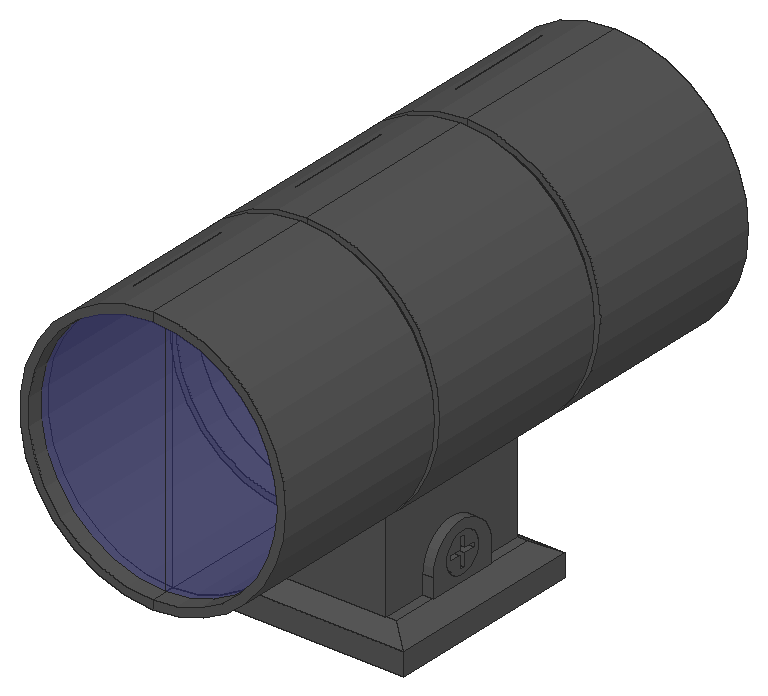
Revit family "CARLO CYLINDER LIGHT WALL MOUNT", category Lighting Fixtures, host Face, Revit 2020 (continued)
Types (10): name | Wattage_Input | Wattage Comments | Wattage | Photometric Web File | built-in parameter 1150142 | Model | built-in parameter 1150105 | Lumens | Light Length 1 | LIGHT RADIUS | LIGHT PLACEMENT | LIGHT LENGTH | LIGHT DIA | built-in parameter 1150106 | FIXED END HEIGHT | Curve base Height | Base Curve | BEAMING ANGLE | Apparent Load
    .4728 7.7393 8.0048 8.2706 8.5326 8.7843 9.0331 9.2947 \r\n 9.5372 9.7158 9.8848 10.1 10.313 10.483 10.651 10.852 11.07 11.304 \r\n 11.553 11.812 12.095 12.416 12.769 13.149 13.572 14.064 14.6 15.155 \r\n 15.752 16.405 17.121 17.881 18.769 19.771 21.156 23.398 25.874 27.912 \r\n 30.129 32.961 36.286 39.301 44.488 53.943 68.022 88.462 113.22 140.98 \r\n 171.31 203.77 237.15 269.92 302.61 335.41 367.84 399.91 430.4 458.56 \r\n 482.96 501.09 515.42 527.05 537.57 549.31 561.22 572.96 584.71 596.4 \r\n 608.45 621.35 634.74 648.4 662.31 676.24 690.53 705.23 720.97 738.44 \r\n 757.61 778.44 801.61 828.76 857.06 884.26 910.35 934.39 956.98 978.45 \r\n 998.72 1017.9 1035.8 1052.2 1067.9 1083.4 1098.4 1112.5 1126.2 1140.1 \r\n 1153.9 1167.5 1180.6 1192.7 1204.1 1215.2 1225.9 1235.9 1245.8 1255.8 \r\n 1266.2 1277.1 1288.3 1299.9 1311 1320.7 1329.5 1337.8 1345.6 1353.2 \r\n 1360 1365.6 1370.2 1374.1 1377.1 1379.1 1380.6 1382.1 1383.9 1386.5 \r\n 1389.7 1393.4 1396.9 1399.3 1401.1 1402.4 1403.2 1403.2 1402.8 1402 \r\n 1412.7 \r\n1391.1 1391.2 1390.7 1389.9 1388.4 1386 1383.2 1380.1 1377 1374.3 \r\n 1371.8 1369.8 1368.1 1366.7 1364.9 1362.3 1359 1355.4 1351 1345.2 \r\n 1338.6 1331.8 1324.3 1315.7 1306.5 1296.5 1286.1 1275.2 1264.6 1255.1 \r\n 1245.7 1235.7 1225.4 1215.2 1204.7 1193.6 1182.1 1170.2 1157.9 1145.3 \r\n 1132.1 1118.1 1103.5 1088.5 1072.9 1056.5 1039.2 1021 1001.8 981.67 \r\n 960.49 938.18 914.88 890.65 865.67 839.58 813.99 790.45 768.7 749.21 \r\n 731.39 714.93 699.41 684.18 669.63 656.19 643.1 629.49 616.13 603.72 \r\n 591.59 579.3 566.96 554.61 542.06 529.43 515.82 501.02 483.1 459.38 \r\n 431.95 401.79 369.59 336.29 302.19 267.57 233.41 200.46 169.64 142.75 \r\n 117.81 92.059 69.59 54.38 44.01 38.066 34.518 30.967 28.101 25.878 \r\n 24.082 22.483 21.086 19.809 18.691 17.768 16.979 16.287 15.661 15.045 \r\n 14.473 13.962 13.496 13.067 12.663 12.268 11.895 11.549 11.236 10.969 \r\n 10.732 10.517 10.324 10.156 9.9968 9.8284 9.6604 9.4996 9.3364 9.164 \r\n 8.9808 8.7816 8.5708 8.3534 8.1229 7.8687 7.6085 7.3615 7.1121 6.8472 \r\n 6.5782 6.3124 6.0497 5.793 5.5407 5.2911 5.0482 4.8225 4.5931 4.3302 \r\n 4.0709 3.8518 3.645 3.4299 3.2211 3.0319 2.845 2.6402 2.4391 2.2617 \r\n 2.0932 1.928 1.7666 1.606 1.4521 1.312 1.1785 1.0454 0.91637 0.79214 \r\n 0.67612 0.57253 0.47965 0.39842 0.32515 0.25521 0.19235 0.14039 0.096887 0.080588 \r\n 0.084432 0.10954 0.15012 0.21101 0.28096 0.34976 0.42755 0.52473 0.6303 0.73185 \r\n 0.84396 0.9844 1.1313 1.261 1.3963 1.5594 1.7292 1.8881 2.0471 2.2075 \r\n 2.3804 2.5874 2.7989 2.9821 3.1689 3.392 3.6164 3.8047 3.9971 4.229 \r\n 4.4769 4.732 4.9848 5.2168 5.4468 5.69 5.9391 6.1913 6.4478 6.7094 \r\n 6.974 7.24 7.5065 7.7725 8.0367 8.2977 8.5538 8.8011 9.0445 9.2966 \r\n 9.5299 9.7034 9.8698 10.084 10.297 10.462 10.625 10.823 11.04 11.27 \r\n 11.517 11.783 12.073 12.397 12.751 13.128 13.551 14.048 14.591 15.149 \r\n 15.75 16.407 17.126 17.891 18.787 19.8 21.213 23.529 26.078 28.132 \r\n 30.369 33.275 36.7 39.571 45.145 56.932 73.095 92.891 116.55 144.54 \r\n 175.42 208.3 242.08 275.25 308.26 341.25 373.71 405.49 435.56 463.39 \r\n 487.41 504.93 518.78 530.48 541.25 553.11 565.12 576.9 588.72 600.67 \r\n 612.93 625.79 639.08 652.75 666.7 680.7 695.07 709.8 725.58 743.1 \r\n 762.43 783.78 807.45 834.71 862.93 889.91 915.67 939.26 961.41 982.54 \r\n 1002.6 1021.6 1039.4 1055.6 1071 1086.5 1101.5 1115.7 1129.5 1143.2 \r\n 1156.8 1170.3 1183.3 1195.4 1206.9 1217.9 1228.5 1238.4 1248.1 1258.2 \r\n 1268.6 1279.7 1291 1302.4 1313.3 1322.8 1331.6 1339.8 1347.5 1354.9 \r\n 1361.5 1366.9 1371.3 1375.1 1378 1380 1381.6 1383.1 1384.9 1387.8 \r\n 1391.3 1395 1398.4 1400.6 1402.1 1403.3 1404 1404 1403.6 1402.7 \r\n 1412.7 \r\n1391.1 1390.7 1390.4 1389.8 1388.7 1386.7 1384.1 1381 1377.7 1374.8 \r\n 1372.1 1369.8 1367.9 1366.3 1364.7 1362.6 1360 1356.9 1352.9 1347.6 \r\n 1341.4 1334.8 1327.6 1319.5 1310.7 1301.3 1291.4 1280.8 1270.2 1260.3 \r\n 1250.5 1240.3 1230 1219.9 1209.6 1198.9 1187.7 1175.9 1163.6 1150.7 \r\n 1137.4 1123.5 1109 1094.2 1078.8 1062.4 1045.2 1027.3 1008.4 988.61 \r\n 967.88 946.14 923.42 899.63 875.02 849.44 824.07 799.88 777.26 757.18 \r\n 738.91 722.19 706.52 691.21 676.53 662.66 649.15 635.44 621.99 609.18 \r\n 596.68 584.3 571.96 559.53 546.97 534.37 521.13 507.33 490.87 469.15 \r\n 443.66 414.65 383.14 350.02 316 281.95 248.23 215.26 183.66 154.32 \r\n 126.8 100.13 76.799 59.25 46.616 39.812 35.934 32.157 29.16 26.705 \r\n 24.716 23.073 21.665 20.307 19.103 18.124 17.29 16.556 15.897 15.261 \r\n 14.674 14.15 13.668 13.212 12.784 12.384 12.007 11.644 11.312 11.03 \r\n 10.779 10.547 10.339 10.157 9.9895 9.8272 9.6673 9.5023 9.3365 9.1765 \r\n 9.0076 8.8127 8.6059 8.3995 8.1817 7.9406 7.6886 7.4352 7.1773 6.914 \r\n 6.6491 6.3853 6.1245 5.871 5.6196 5.3618 5.1117 4.8908 4.6686 4.4093 \r\n 4.1508 3.9255 3.7141 3.508 3.3069 3.1081 2.9109 2.7113 2.5166 2.3344 \r\n 2.1596 1.9922 1.8295 1.6669 1.5102 1.3647 1.2266 1.0946 0.96622 0.83521 \r\n 0.71204 0.60787 0.51439 0.42618 0.34576 0.27434 0.21051 0.15327 0.10683 0.095505 \r\n 0.10454 0.12562 0.1637 0.22608 0.29736 0.36603 0.4433 0.54039 0.64582 0.74642 \r\n 0.85859 1.0031 1.1537 1.2822 1.4147 1.5747 1.742 1.9007 2.0612 2.2257 \r\n 2.4026 2.6098 2.8207 3.0064 3.1954 3.4177 3.6402 3.8256 4.0164 4.2524 \r\n 4.504 4.7549 5.0052 5.2471 5.487 5.7282 5.9723 6.2221 6.4777 6.7416 \r\n 7.0087 7.2741 7.5392 7.8052 8.0681 8.3241 8.574 8.8167 9.0544 9.2961 \r\n 9.5198 9.6912 9.8572 10.07 10.28 10.442 10.602 10.797 11.012 11.238 \r\n 11.484 11.756 12.055 12.381 12.736 13.112 13.534 14.036 14.583 15.147 \r\n 15.752 16.412 17.135 17.905 18.811 19.841 21.278 23.629 26.214 28.291 \r\n 30.559 33.518 37.026 39.786 45.768 59.826 78.004 97.167 119.71 147.77 \r\n 178.97 211.87 245.72 279.22 312.59 345.8 378.3 409.79 439.48 467.01 \r\n 490.74 507.87 521.49 533.5 544.68 556.73 568.86 580.73 592.68 604.94 \r\n 617.46 630.28 643.44 657.09 671.05 685.11 699.54 714.29 730.09 747.58 \r\n 767 788.85 812.98 840.18 868.14 894.85 920.28 943.45 965.18 985.99 \r\n 1005.8 1024.7 1042.5 1058.5 1073.8 1089.2 1104.2 1118.6 1132.6 1146.2 \r\n 1159.5 1172.9 1185.9 1198 1209.5 1220.5 1231 1240.8 1250.5 1260.5 \r\n 1270.9 1282.2 1293.6 1304.7 1315.3 1324.7 1333.4 1341.5 1349.1 1356.4 \r\n 1362.9 1368 1372.2 1375.9 1378.8 1380.9 1382.5 1384 1385.9 1389.1 \r\n 1392.8 1396.6 1399.9 1401.7 1402.9 1404 1404.6 1404.7 1404.4 1403.5 \r\n 1412.7 \r\n1391.1 1390.4 1390.2 1389.9 1389 1387.4 1385.2 1382 1378.6 1375.5 \r\n 1372.6 1370 1367.7 1366 1364.5 1362.9 1360.9 1358.2 1354.7 1350 \r\n 1344.3 1338 1331.1 1323.5 1315.3 1306.5 1297 1286.8 1276.3 1266 \r\n 1255.7 1245.4 1235.1 1225.1 1215 1204.5 1193.5 1181.8 1169.5 1156.5 \r\n 1143 1129 1114.7 1100.1 1084.9 1068.5 1051.3 1033.6 1015 995.57 \r\n 975.27 954.11 931.96 908.58 884.35 859.33 834.23 809.45 786 765.33 \r\n 746.6 729.63 713.81 698.42 683.6 669.32 655.39 641.58 628.02 614.8 \r\n 601.89 589.38 577.01 564.49 551.9 539.35 526.41 513.47 498.3 478.55 \r\n 455 427.16 396.39 363.52 329.63 296.14 262.84 229.86 197.52 165.8 \r\n 135.8 108.35 84.301 64.637 49.862 41.962 37.473 33.43 30.324 27.62 \r\n 25.418 23.716 22.284 20.837 19.541 18.499 17.615 16.837 16.141 15.484 \r\n 14.881 14.341 13.843 13.36 12.908 12.5 12.118 11.739 11.389 11.09 \r\n 10.823 10.573 10.348 10.151 9.9743 9.818 9.6662 9.4973 9.329 9.1807 \r\n 9.0257 8.8361 8.6341 8.4383 8.2328 8.0059 7.7634 7.504 7.2379 6.9764 \r\n 6.7156 6.4539 6.195 5.9453 5.6955 5.4308 5.1741 4.9563 4.7398 4.4858 \r\n 4.2301 3.9984 3.7815 3.5841 3.3908 3.1825 2.9753 2.781 2.5926 2.4061 \r\n 2.2253 2.055 1.8904 1.7266 1.5678 1.4169 1.274 1.1431 1.0154 0.87782 \r\n 0.74776 0.64321 0.54924 0.45399 0.36634 0.2935 0.22878 0.1662 0.11706 0.11071 \r\n 0.12487 0.14308 0.17722 0.24059 0.31263 0.38172 0.45908 0.55571 0.6606 0.7607 \r\n 0.87321 1.0207 1.1739 1.3017 1.4321 1.5888 1.7532 1.9115 2.0735 2.243 \r\n 2.4243 2.6301 2.839 3.0282 3.2204 3.4404 3.6597 3.8439 4.035 4.275 \r\n 4.5297 4.776 5.0232 5.2751 5.5253 5.7652 6.0052 6.2528 6.5075 6.7739 \r\n 7.0436 7.3088 7.573 7.8393 8.1012 8.3517 8.595 8.8331 9.0651 9.2958 \r\n 9.5099 9.681 9.8483 10.057 10.263 10.423 10.583 10.776 10.989 11.212 \r\n 11.458 11.738 12.044 12.374 12.731 13.107 13.53 14.034 14.586 15.156 \r\n 15.768 16.432 17.161 17.939 18.858 19.917 21.381 23.732 26.32 28.428 \r\n 30.74 33.736 37.321 40.04 46.45 62.558 82.559 101.24 122.83 150.93 \r\n 182.29 214.95 248.61 282.38 316.1 349.51 382.04 413.26 442.57 469.8 \r\n 493.27 510.16 523.73 536.17 547.88 560.14 572.41 584.41 596.52 609.11 \r\n 621.91 634.7 647.75 661.35 675.3 689.4 703.87 718.65 734.46 751.89 \r\n 771.36 793.71 818.27 845.3 872.9 899.31 924.41 947.19 968.55 989.07 \r\n 1008.7 1027.6 1045.3 1061.2 1076.4 1091.8 1106.9 1121.5 1135.6 1149 \r\n 1162.2 1175.4 1188.3 1200.5 1212.1 1223.1 1233.5 1243.2 1252.8 1262.9 \r\n 1273.3 1284.6 1296 1306.9 1317.2 1326.5 1335.1 1343.2 1350.8 1357.9 \r\n 1364.2 1369.1 1373.1 1376.6 1379.5 1381.7 1383.4 1384.9 1386.9 1390.4 \r\n 1394.4 1398.1 1401.2 1402.8 1403.8 1404.7 1405.2 1405.5 1405.2 1404.3 \r\n 1412.7 \r\n1391.1 1390.1 1390.1 1390 1389.4 1388.2 1386.3 1383.2 1379.6 1376.4 \r\n 1373.3 1370.4 1367.8 1365.9 1364.3 1363 1361.5 1359.3 1356.3 1352.1 \r\n 1347 1341.1 1334.5 1327.5 1319.8 1311.5 1302.5 1292.7 1282.4 1271.8 \r\n 1261.2 1250.7 1240.4 1230.4 1220.4 1210.2 1199.4 1187.8 1175.3 1162.2 \r\n 1148.5 1134.6 1120.4 1105.9 1090.8 1074.5 1057.3 1039.7 1021.5 1002.4 \r\n 982.45 961.8 940.16 917.16 893.28 868.78 843.96 818.65 794.46 773.21 \r\n 753.99 736.76 720.79 705.3 690.35 675.72 661.44 647.53 633.87 620.27 \r\n 606.96 594.29 581.82 569.21 556.59 544.07 531.4 519.13 505.05 487.15 \r\n 465.44 438.74 408.7 376.15 342.45 309.43 276.44 243.43 210.44 176.69 \r\n 144.59 116.45 91.807 70.434 53.819 44.559 39.105 34.749 31.561 28.603 \r\n 26.181 24.399 22.923 21.38 19.989 18.881 17.944 17.12 16.388 15.708 \r\n 15.088 14.532 14.015 13.507 13.031 12.615 12.226 11.834 11.467 11.151 \r\n 10.867 10.601 10.359 10.146 9.9599 9.8078 9.6628 9.4903 9.3197 9.1813 \r\n 9.0382 8.8541 8.6575 8.4709 8.2761 8.0629 7.8303 7.5664 7.2936 7.0338 \r\n 6.7766 6.5168 6.26 6.0142 5.7666 5.4968 5.2349 5.018 4.8052 4.5576 \r\n 4.3061 4.0685 3.8461 3.6565 3.4689 3.2525 3.0367 2.8469 2.664 2.4739 \r\n 2.2877 2.1143 1.9473 1.7829 1.623 1.4667 1.319 1.1891 1.0622 0.91892 \r\n 0.78273 0.67761 0.58295 0.48133 0.38717 0.31285 0.24713 0.17963 0.12837 0.1263 \r\n 0.14471 0.15976 0.18982 0.25376 0.32621 0.39664 0.47509 0.5713 0.6756 0.77588 \r\n 0.8891 1.0383 1.1931 1.3209 1.4503 1.6042 1.766 1.9237 2.087 2.2621 \r\n 2.4482 2.6512 2.8567 3.0498 3.2459 3.4627 3.678 3.8628 4.0562 4.2998 \r\n 4.5569 4.7983 5.0422 5.3029 5.5626 5.8025 6.0397 6.2857 6.5397 6.8083 \r\n 7.0806 7.3458 7.6095 7.8768 8.1379 8.3825 8.6186 8.8524 9.079 9.2984 \r\n 9.5028 9.6748 9.8442 10.047 10.248 10.409 10.57 10.763 10.975 11.197 \r\n 11.444 11.731 12.046 12.381 12.74 13.119 13.545 14.052 14.608 15.187 \r\n 15.809 16.479 17.215 18.004 18.944 20.051 21.552 23.873 26.432 28.579 \r\n 30.952 33.975 37.64 40.427 47.288 65.065 86.571 105.05 126.07 154.26 \r\n 185.72 218.01 251.34 285.28 319.28 352.83 385.37 416.33 445.28 472.15 \r\n 495.32 512.05 525.67 538.6 550.84 563.33 575.73 587.89 600.18 613.08 \r\n 626.14 638.93 651.91 665.46 679.37 693.49 708.01 722.82 738.67 756.04 \r\n 775.56 798.41 823.39 850.22 877.42 903.52 928.29 950.73 971.76 992.03 \r\n 1011.4 1030.3 1048.1 1063.9 1078.9 1094.4 1109.5 1124.3 1138.5 1151.9 \r\n 1164.9 1178 1190.8 1203 1214.6 1225.6 1236 1245.7 1255.3 1265.4 \r\n 1275.9 1287.2 1298.6 1309.1 1319.1 1328.3 1336.9 1344.9 1352.4 1359.4 \r\n 1365.4 1370.1 1373.8 1377.2 1380.1 1382.4 1384.3 1385.9 1388 1391.8 \r\n 1395.9 1399.6 1402.5 1403.9 1404.6 1405.4 1405.9 1406.2 1406 1405.1 \r\n 1412.7 \r\n1391.1 1388.9 1389 1388.9 1388.5 1387.5 1385.8 1382.9 1379.6 1376.5 \r\n 1373.4 1370.4 1367.7 1365.3 1363.2 1361.6 1360.1 1358.1 1355.6 1352.1 \r\n 1347.7 1342.2 1336 1329.4 1322.2 1314.2 1305.6 1296.2 1286.4 1276 \r\n 1265.5 1255.1 1244.7 1234.7 1224.7 1214.5 1203.7 1192 1179.6 1166.6 \r\n 1153 1139.2 1125 1110.6 1095.5 1079.1 1061.9 1044.5 1026.5 1007.7 \r\n 988.06 967.54 946.01 923.21 899.5 875.05 850.14 824.55 799.96 778.22 \r\n 758.53 740.95 724.7 709.01 693.96 679.38 665.18 651.24 637.5 623.8 \r\n 610.35 597.41 584.68 571.91 559.23 546.73 534.25 522.34 508.91 492.18 \r\n 471.71 445.81 416.38 384.35 350.91 317.67 284.31 251.1 217.98 184.28 \r\n 152.13 123.45 98.222 76.916 59.963 48.528 40.876 36.048 32.881 29.699 \r\n 27.076 25.145 23.547 21.894 20.411 19.232 18.242 17.378 16.616 15.912 \r\n 15.272 14.694 14.159 13.638 13.153 12.724 12.324 11.928 11.557 11.229 \r\n 10.931 10.653 10.401 10.178 9.9818 9.8239 9.675 9.4991 9.3266 9.1884 \r\n 9.047 8.8664 8.6737 8.4893 8.2973 8.0901 7.8638 7.6045 7.3348 7.0756 \r\n 6.8182 6.5593 6.3042 6.0622 5.8185 5.5518 5.2909 5.0692 4.8528 4.6123 \r\n 4.3684 4.1295 3.9034 3.7103 3.5213 3.3043 3.0885 2.8988 2.7157 2.5238 \r\n 2.3353 2.1589 1.9897 1.8262 1.6667 1.5061 1.3541 1.2254 1.1003 0.95528 \r\n 0.81628 0.70805 0.61053 0.5076 0.41226 0.33549 0.26723 0.19805 0.14714 0.14425 \r\n 0.16088 0.17114 0.19689 0.26116 0.33466 0.41149 0.49657 0.59491 0.70035 0.80357 \r\n 0.91908 1.0673 1.2211 1.3515 1.4844 1.6418 1.8061 1.9621 2.1247 2.3065 \r\n 2.4982 2.696 2.8959 3.0921 3.2918 3.5045 3.7169 3.9086 4.1098 4.3554 \r\n 4.6113 4.8482 5.0879 5.3495 5.6122 5.8565 6.0978 6.3448 6.5989 6.8679 \r\n 7.1407 7.4072 7.6725 7.9428 8.2044 8.44 8.6659 8.8969 9.1204 9.3282 \r\n 9.5216 9.6925 9.8613 10.054 10.246 10.409 10.578 10.78 11.001 11.229 \r\n 11.482 11.778 12.103 12.447 12.818 13.211 13.649 14.161 14.724 15.323 \r\n 15.967 16.653 17.412 18.236 19.238 20.496 22.113 24.353 26.822 29.04 \r\n 31.532 34.595 38.428 41.818 49.302 67.16 88.955 108.8 131.32 160.44 \r\n 192.46 224.83 257.99 291.71 325.45 358.83 391.18 421.87 450.36 476.31 \r\n 498.57 514.84 528.27 541.35 553.85 566.43 578.91 591.24 603.7 616.65 \r\n 629.78 642.78 655.94 669.46 683.29 697.43 712.02 726.96 742.98 760.58 \r\n 780.45 803.93 829.48 856.41 883.49 909.28 933.68 955.82 976.59 996.63 \r\n 1015.8 1034.5 1052.1 1067.8 1082.8 1098.2 1113.3 1128 1142.1 1155.4 \r\n 1168.4 1181.4 1194.1 1206.1 1217.6 1228.7 1239.2 1248.9 1258.5 1268.8 \r\n 1279.5 1290.7 1301.9 1312.2 1321.9 1330.9 1339.3 1347.3 1354.7 1361.2 \r\n 1366.9 1371.3 1374.9 1378.1 1380.9 1383.2 1385.2 1387.1 1389.5 1393.3 \r\n 1397.5 1401.1 1403.9 1405.2 1405.8 1406.4 1406.8 1407.1 1406.9 1406 \r\n 1412.7 \r\n1391.1 1387.9 1388.2 1388.2 1387.8 1387.1 1385.6 1382.9 1379.8 1376.8 \r\n 1373.9 1370.9 1368 1365.1 1362.5 1360.5 1358.6 1356.9 1354.8 1352 \r\n 1348.3 1343.2 1337.4 1331.3 1324.5 1316.7 1308.3 1299.4 1290.1 1280.1 \r\n 1269.8 1259.4 1249 1238.9 1228.8 1218.5 1207.7 1196 1183.7 1170.7 \r\n 1157.3 1143.6 1129.4 1115 1099.9 1083.5 1066.3 1049 1031.2 1012.7 \r\n 993.35 972.89 951.39 928.75 905.16 880.67 855.63 829.83 804.93 782.72 \r\n 762.54 744.58 728.03 712.14 696.99 682.54 668.5 654.54 640.74 627.01 \r\n 613.46 600.24 587.23 574.3 561.54 549.07 536.72 525.04 512.05 496.29 \r\n 476.85 451.65 422.79 391.33 358.2 324.61 290.77 257.34 224.2 190.97 \r\n 159.2 130.05 104.31 83.474 66.516 52.754 42.659 37.327 34.201 30.807 \r\n 27.992 25.898 24.162 22.396 20.822 19.573 18.53 17.626 16.837 16.11 \r\n 15.45 14.85 14.295 13.765 13.273 12.831 12.42 12.022 11.649 11.31 \r\n 10.999 10.712 10.451 10.218 10.013 9.8475 9.6927 9.5139 9.3397 9.1991 \r\n 9.0568 8.8794 8.6905 8.5063 8.315 8.1121 7.8914 7.638 7.373 7.1143 \r\n 6.8563 6.5977 6.3439 6.1051 5.8652 5.6033 5.345 5.1166 4.8946 4.661 \r\n 4.4251 4.1857 3.9561 3.7584 3.5656 3.3496 3.1356 2.945 2.7602 2.5674 \r\n 2.3776 2.1982 2.0266 1.8644 1.706 1.5415 1.3856 1.2578 1.1343 0.9887 \r\n 0.84802 0.73637 0.63566 0.53239 0.43691 0.35769 0.28683 0.21686 0.16678 0.16216 \r\n 0.17586 0.18104 0.20244 0.26681 0.3412 0.42486 0.51711 0.61779 0.72457 0.83129 \r\n 0.94935 1.0956 1.2475 1.3809 1.5182 1.68 1.8474 2.0017 2.1631 2.3514 \r\n 2.5485 2.7406 2.9342 3.1335 3.3368 3.5453 3.7547 3.9545 4.1647 4.4115 \r\n 4.6656 4.8983 5.1341 5.395 5.6593 5.9087 6.1553 6.4041 6.6586 6.9277 \r\n 7.2007 7.4684 7.7353 8.0091 8.2713 8.4978 8.7136 8.9421 9.1628 9.3595 \r\n 9.5424 9.7126 9.8809 10.063 10.246 10.413 10.589 10.801 11.033 11.269 \r\n 11.529 11.834 12.169 12.524 12.907 13.316 13.769 14.286 14.855 15.474 \r\n 16.143 16.846 17.629 18.489 19.558 20.974 22.712 24.855 27.217 29.511 \r\n 32.129 35.229 39.232 43.288 51.372 68.935 90.698 112.11 136.44 166.5
